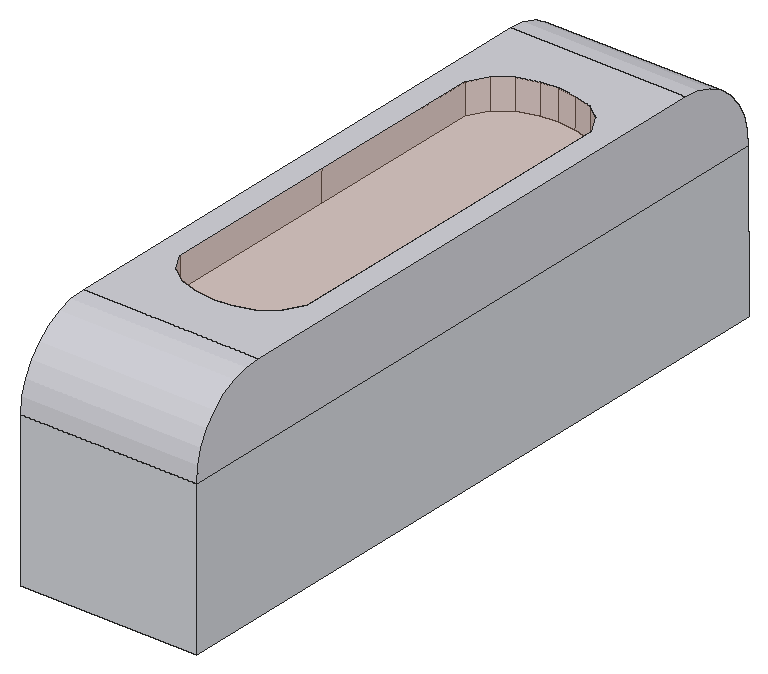
Revit family "Domotics-DomesticRanges-GEWISS-CHORUS_SIGNALLING-LAMP_0.5M", category Apparecchi elettrici, host Superficie, Revit 2016
Family settings
  Host = Superficie
  Mantenere orientamento annotazione = Sì
  Tipo di parte = Normale
  Quota connettore circolare = Usa diametro
  Taglio con vuoti quando caricato = Sì
  Condiviso = Sì
  Punto di calcolo locali = Sì
Parameters (values of type "GW14644 - Amber indicator lamp 1/2M titanium")
  Version file RFA = "19.0"
  URL = "https://www.gewiss.com/ww/en"
  Tipo_ = Chorus Spie 05M_GENERICO : GW14644 Spia di segnalazione ambra 1/2M titanio
  Technical sheet = "https://www.gewiss.com/ww/en/search?q=GW14644"
  Simbolo [instance] = yes
  Signalling unit = "With wired lead"
  SEO = "Indicator"
  Realized by GEWISS S.p.A. = ""
  Default Elevation = 1219.2 mm
  Produttore = "GEWISS S.p.A."
  Offset_spia [instance] = 0 mm
  Offset_bidimensionale [instance] = 2 mm
  No. Chorus modules = "1/2"
  Modello = "GW14644"
  Immagine tipo = GW14644.jpg
  IFC.TypeObject = ""
  IFC.ExportType = ""
  IFC.ExportAs = ""
  IDT = "cfaedf2c-0fc5-4d9f-b78a-c0dc01b3f608"
  IDF = "fd2b0701-367a-40c7-be54-6d495f8c46b7"
  Electrocod = "0132"
  EAN code = "8011564268630"
  Distanza_effettiva_x [instance] = 1500 mm - Distanza_x  # 1500 mm
  Distanza_x [instance] = 0 mm
  Diffuser colour = "Amber"
  Descrizione = "AMBER INDICATOR LAMP 1/2M TITANIUM"
  Description. = "Flat indicator lamp"
  Colour meaning = "Attention"
  Colour = "Titanium"
  Catalogue Range = "CHORUS - DOMESTIC RANGE"
  Catalogue = "DOMOTICS"
  COBie.Tagnumber = ""
  COBie.CreatedOn = ""
  COBie.CreatebBy = ""
  COBie.ComponentRegisterItemID = ""
  COBie.Component.TagNumber = ""
  COBie.Component.Space = ""
  COBie.Component.SerialNumber = ""
  COBie.Component.InstallationDate = ""
  COBie.Component.Description = ""
  COBie.Component.BarCode = ""
Types (12, lengths in mm): name | Tipo_ | Technical sheet | Modello | Immagine tipo | IDT | EAN code | Diffuser colour | Descrizione | Colour meaning | Colour
  GW10641 - Transparent indicator lamp 1/2M white | Chorus Spie 05M_GENERICO : GW10641 Spia di segnalazione trasparente 1/2M bianco | "https://www.gewiss.com/ww/en/search?q=GW10641" | "GW10641" | GW10641.jpg | "6773021c-f2bd-4fb8-831b-a813fc51304b" | "8011564259768" | "Opal" | "TRANSPARENT INDICATOR LAMP 1/2M WHITE" | "Neutral" | "White"
  GW10642 - Green indicator lamp 1/2M white | Chorus Spie 05M_GENERICO : GW10642 Spia di segnalazione verde 1/2M bianco | "https://www.gewiss.com/ww/en/search?q=GW10642" | "GW10642" | GW10642.jpg | "5a86cb70-79cc-4280-8e61-956035a54fe9" | "8011564259775" | "Green" | "GREEN INDICATOR LAMP 1/2M WHITE" | "Safety" | "White"
  GW10643 - Red indicator lamp 1/2M white | Chorus Spie 05M_GENERICO : GW10643 Spia di segnalazione rosso 1/2M bianco | "https://www.gewiss.com/ww/en/search?q=GW10643" | "GW10643" | GW10643.jpg | "05659820-9d6e-4409-8a10-ea10430852a7" | "8011564259782" | "Red" | "RED INDICATOR LAMP 1/2M WHITE" | "Danger" | "White"
  GW10644 - Amber indicator lamp 1/2M white | Chorus Spie 05M_GENERICO : Tipo 4GW10644 Spia di segnalazione ambra 1/2M bianco | "https://www.gewiss.com/ww/en/search?q=GW10644" | "GW10644" | GW10644.jpg | "134d41c4-385c-4716-b0c9-981ac8e0f9af" | "8011564259799" | "Amber" | "AMBER INDICATOR LAMP 1/2M WHITE" | "Attention" | "White"
  GW12641 - Transparent indicator lamp 1/2M black | Chorus Spie 05M_GENERICO : GW12641 Spia di segnalazione trasparente 1/2M nero | "https://www.gewiss.com/ww/en/search?q=GW12641" | "GW12641" | GW12641.jpg | "cc854467-7c72-47c8-be48-e4e8bad67c44" | "8011564266681" | "Opal" | "TRANSPARENT INDICATOR LAMP 1/2M BLACK" | "Neutral" | "Black"
  GW12642 - Green indicator lamp 1/2M black | Chorus Spie 05M_GENERICO : GW12642 Spia di segnalazione verde 1/2M nero | "https://www.gewiss.com/ww/en/search?q=GW12642" | "GW12642" | GW12642.jpg | "2025e389-9c8f-4bbb-a2ca-0507fa2ad9fd" | "8011564266698" | "Green" | "GREEN INDICATOR LAMP 1/2M BLACK" | "Safety" | "Black"
  GW12643 - Red indicator lamp 1/2M black | Chorus Spie 05M_GENERICO : GW12643 Spia di segnalazione rosso 1/2M nero | "https://www.gewiss.com/ww/en/search?q=GW12643" | "GW12643" | GW12643.jpg | "aceb3eff-1128-4cb6-8386-8cb522eb1956" | "8011564266704" | "Red" | "RED INDICATOR LAMP 1/2M BLACK" | "Danger" | "Black"
  GW12644 - Amber indicator lamp 1/2M black | Chorus Spie 05M_GENERICO : GW12644 Spia di segnalazione ambra 1/2M nero | "https://www.gewiss.com/ww/en/search?q=GW12644" | "GW12644" | GW12644.jpg | "d8800b11-6166-4000-bed9-bbc89971357f" | "8011564266810" | "Amber" | "AMBER INDICATOR LAMP 1/2M BLACK" | "Attention" | "Black"
  GW14641 - Transparent indicator lamp 1/2M titanium | Chorus Spie 05M_GENERICO : GW14641 Spia di segnalazione trasparente 1/2M titanio | "https://www.gewiss.com/ww/en/search?q=GW14641" | "GW14641" | GW14641.jpg | "fc7be6b6-ff05-45d9-8a8d-7b1260f3d168" | "8011564268609" | "Opal" | "TRANSPARENT INDICATOR LAMP 1/2M TITANIUM" | "Neutral" | "Titanium"
  GW14642 - Green indicator lamp 1/2M titanium | Chorus Spie 05M_GENERICO : GW14642 Spia di segnalazione verde 1/2M titanio | "https://www.gewiss.com/ww/en/search?q=GW14642" | "GW14642" | GW14642.jpg | "77669d2d-8357-4dcc-81d1-330d5c4ec0ca" | "8011564268616" | "Green" | "GREEN INDICATOR LAMP 1/2M TITANIUM" | "Safety" | "Titanium"
  GW14643 - Red indicator lamp 1/2M titanium | Chorus Spie 05M_GENERICO : GW14643 Spia di segnalazione rosso 1/2M titanio | "https://www.gewiss.com/ww/en/search?q=GW14643" | "GW14643" | GW14643.jpg | "9ffbd7b8-56a1-41b3-9e6a-f3c97808e6fa" | "8011564268623" | "Red" | "RED INDICATOR LAMP 1/2M TITANIUM" | "Danger" | "Titanium"
  GW14644 - Amber indicator lamp 1/2M titanium | Chorus Spie 05M_GENERICO : GW14644 Spia di segnalazione ambra 1/2M titanio | "https://www.gewiss.com/ww/en/search?q=GW14644" | "GW14644" | GW14644.jpg | "cfaedf2c-0fc5-4d9f-b78a-c0dc01b3f608" | "8011564268630" | "Amber" | "AMBER INDICATOR LAMP 1/2M TITANIUM" | "Attention" | "Titanium"
Reference planes
  plane 1 "Centro (Fronte/Retro)": y = 0
  plane 2: z = 0
  plane 3 "Centro (Sinistra/Destra)": x = 0
  plane 4: x = 0
  plane 5: x = -1500
  plane 6: z = 17.085
  plane 7: z = 15.085
  plane 8: z = 0
Lines and regions (mm)
  Masking region 1
    outline origin (0, 0, 0) x (1, 0, 0) y (0, 0, 1)
      loop
        line (-6.75, 15.085) -> (-6.75, 0) -> (6.75, 0) -> (6.75, 15.085) -> (-6.75, 15.085)
  Masking region 2
    outline origin (0, 0, 0) x (0, 1, 0) y (0, 0, 1)
      loop
        line (-22.5, 15.085) -> (-22.5, 0) -> (22.5, 0) -> (22.5, 15.085) -> (-22.5, 15.085)
  model lines, style "0", not visible, detail levels coarse
    curve 1: line (-5.95, -22.5, 0) -> (-5.95, 22.5, 0)
    curve 2: line (-5.95, 22.5, 0) -> (5.55, 22.5, 0)
    curve 3: line (5.55, 22.5, 0) -> (5.55, -22.5, 0)
    curve 4: line (5.55, -22.5, 0) -> (-5.95, -22.5, 0)
    curve 5: line (0, 14.077, 0) -> (-1.15, 14, 0)
    curve 6: line (-1.15, 14, 0) -> (-2.45, 13.6, 0)
    curve 7: line (-2.45, 13.6, 0) -> (-3.45, 12.8, 0)
    curve 8: line (-3.45, 12.8, 0) -> (-4.15, 11.6, 0)
    curve 9: line (-4.15, 11.6, 0) -> (-4.15, 0, 0)
    curve 10: line (-4.15, 0, 0) -> (-4.15, -11.6, 0)
    curve 11: line (-4.15, -11.6, 0) -> (-3.45, -12.8, 0)
    curve 12: line (-3.45, -12.8, 0) -> (-2.45, -13.6, 0)
    curve 13: line (-2.45, -13.6, 0) -> (-1.15, -14, 0)
    curve 14: line (-1.15, -14, 0) -> (0, -14.077, 0)
    curve 15: line (0, -14.077, 0) -> (1.15, -14, 0)
    curve 16: line (1.15, -14, 0) -> (2.45, -13.6, 0)
    curve 17: line (2.45, -13.6, 0) -> (3.45, -12.8, 0)
    curve 18: line (3.45, -12.8, 0) -> (4.15, -11.6, 0)
    curve 19: line (4.15, -11.6, 0) -> (4.15, 0, 0)
    curve 20: line (4.15, 0, 0) -> (4.15, 11.6, 0)
    curve 21: line (4.15, 11.6, 0) -> (3.45, 12.8, 0)
    curve 22: line (3.45, 12.8, 0) -> (2.45, 13.6, 0)
    curve 23: line (2.45, 13.6, 0) -> (1.15, 14, 0)
    curve 24: line (1.15, 14, 0) -> (0, 14.077, 0)
  model lines, style "0", detail levels coarse
    curve 25: line (-4.7, -22.5, 17.085) -> (-4.7, 22.5, 17.085)
    curve 26: line (-4.7, 22.5, 17.085) -> (6.8, 22.5, 17.085)
    curve 27: line (6.8, 22.5, 17.085) -> (6.8, -22.5, 17.085)
    curve 28: line (6.8, -22.5, 17.085) -> (-4.7, -22.5, 17.085)
    curve 29: line (1.25, 14.077, 17.085) -> (0.1, 14, 17.085)
    curve 30: line (0.1, 14, 17.085) -> (-1.2, 13.6, 17.085)
    curve 31: line (-1.2, 13.6, 17.085) -> (-2.2, 12.8, 17.085)
    curve 32: line (-2.2, 12.8, 17.085) -> (-2.9, 11.6, 17.085)
    curve 33: line (-2.9, 11.6, 17.085) -> (-2.9, 0, 17.085)
    curve 34: line (-2.9, 0, 17.085) -> (-2.9, -11.6, 17.085)
    curve 35: line (-2.9, -11.6, 17.085) -> (-2.2, -12.8, 17.085)
    curve 36: line (-2.2, -12.8, 17.085) -> (-1.2, -13.6, 17.085)
    curve 37: line (-1.2, -13.6, 17.085) -> (0.1, -14, 17.085)
    curve 38: line (0.1, -14, 17.085) -> (1.25, -14.077, 17.085)
    curve 39: line (1.25, -14.077, 17.085) -> (2.4, -14, 17.085)
    curve 40: line (2.4, -14, 17.085) -> (3.7, -13.6, 17.085)
    curve 41: line (3.7, -13.6, 17.085) -> (4.7, -12.8, 17.085)
    curve 42: line (4.7, -12.8, 17.085) -> (5.4, -11.6, 17.085)
    curve 43: line (5.4, -11.6, 17.085) -> (5.4, 0, 17.085)
    curve 44: line (5.4, 0, 17.085) -> (5.4, 11.6, 17.085)
    curve 45: line (5.4, 11.6, 17.085) -> (4.7, 12.8, 17.085)
    curve 46: line (4.7, 12.8, 17.085) -> (3.7, 13.6, 17.085)
    curve 47: line (3.7, 13.6, 17.085) -> (2.4, 14, 17.085)
    curve 48: line (2.4, 14, 17.085) -> (1.25, 14.077, 17.085)
Dimensions and locks
  "Distanza_effettiva_x": plane 5 to plane 4
  plane 5 to plane 3 "Centro (Sinistra/Destra)" = 1500 mm
  "Offset_bidimensionale": plane 6 to plane 7
  plane 7 to plane 8 = 15.085 mm
  "Offset_spia": plane 8 to plane 2
  aligned and locked: plane 2 to host face
  aligned and locked: level to host face
  aligned and locked: plane 1 "Centro (Fronte/Retro)" to nested 1
  aligned and locked: plane 4 to nested 2
  aligned and locked: plane 7 to nested 1
  aligned and locked: plane 6 to curve 28
  aligned and locked: Masking region 1 sketch curve to plane 7
  aligned and locked: plane 8 to Masking region 1 sketch curve
  aligned and locked: Masking region 2 sketch curve to plane 7
  aligned and locked: plane 8 to Masking region 2 sketch curve
Automatic sketch dimensions
  host sketch curve to host sketch curve = 2438.4 mm  (x2)
  Masking region 1 sketch curve to plane 3 "Centro (Sinistra/Destra)" = 6.75 mm
  plane 3 "Centro (Sinistra/Destra)" to Masking region 1 sketch curve = 6.75 mm
  plane 1 "Centro (Fronte/Retro)" to Masking region 2 sketch curve = 22.5 mm
  Masking region 2 sketch curve to plane 1 "Centro (Fronte/Retro)" = 22.5 mm
Nested families
  nested 1: "Chorus Spie 05M_GENERICO" at (0, 0, 0), type <- "Tipo_", type "GW14644 Spia di segnalazione ambra 1/2M titanio", detail levels medium+fine
    with Altezza da Terra 750 mm
  nested 2: "SPIE" at (0, -51.635, 0), SIMBOLO <- "Simbolo", type "SPIE"
    with SIMBOLO yes, Distanza dal muro 2 mm, BORDO ACCESO yes
Definition of nested family "Chorus Spie 05M_GENERICO"
  Parameters (values of type "GW14642 Spia di segnalazione verde 1/2M titanio")
    Sp_base = 10 mm  # constant formula
    Finitura Pulsante = none
    Finitura Placca = none
    Altezza da Terra [instance] = 750 mm
  Types (12): name
    GW10641 Spia di segnalazione trasparente 1/2M bianco
    GW10642 Spia di segnalazione verde 1/2M bianco
    GW10643 Spia di segnalazione rosso 1/2M bianco
    Tipo 4GW10644 Spia di segnalazione ambra 1/2M bianco
    GW12641 Spia di segnalazione trasparente 1/2M nero
    GW12642 Spia di segnalazione verde 1/2M nero
    GW12643 Spia di segnalazione rosso 1/2M nero
    GW12644 Spia di segnalazione ambra 1/2M nero
    GW14641 Spia di segnalazione trasparente 1/2M titanio
    GW14642 Spia di segnalazione verde 1/2M titanio
    GW14643 Spia di segnalazione rosso 1/2M titanio
    GW14644 Spia di segnalazione ambra 1/2M titanio
  Reference planes
    plane 1 "Centro (Fronte/Retro)": y = 0
    plane 2: z = 0
    plane 3 "Centro (Sinistra/Destra)": x = 0
    plane 4: x = -6.75
    plane 5: x = 6.75
    plane 6: z = 0
    plane 7: z = 13.085
    plane 8: y = 22.5
    plane 9: y = -22.5
    plane 10: z = 10
    plane 11: z = 15.085
  Forms (mm)
    Extrusion 1, solid, material <- "Finitura Placca"
      sketch origin (0, -772.64, 9.062) x (0, 0, -1) y (0, 1, 0)
        loop
          line (-6.023, 790.055) -> (-6.023, 755.226)
          arc (-6.023, 755.226) -> (-4.533, 751.63) -> (-0.938, 750.14) r 5.085
          line (-0.938, 750.14) -> (-0.938, 795.14)
          arc (-0.938, 795.14) -> (-4.533, 793.651) -> (-6.023, 790.055) r 5.085
      from -4.7 to 6.75
    Extrusion 2, void
      sketch origin (1.094, -772.5, 9.062) x (1, 0, 0) y (0, 1, 0)
        loop
          line (-2.45, 786.1) -> (-3.45, 785.3) -> (-4.15, 784.1) -> (-4.15, 772.5) -> (-4.15, 760.9) -> (-3.45, 759.7) -> (-2.45, 758.9) -> (-1.15, 758.5) -> (0, 758.423) -> (1.15, 758.5) -> (2.45, 758.9) -> (3.45, 759.7) -> (4.15, 760.9) -> (4.15, 772.5) -> (4.15, 784.1) -> (3.45, 785.3) -> (2.45, 786.1) -> (1.15, 786.5) -> (0, 786.577) -> (-1.15, 786.5) -> (-2.45, 786.1)
      from 6.023 to 4.023
    Extrusion 3, solid, material <- "Finitura Pulsante"
      sketch origin (1.094, -772.5, 9.062) x (1, 0, 0) y (0, 1, 0)
        loop
          line (-4.15, 784.1) -> (-4.15, 772.5) -> (-4.15, 760.9) -> (-3.45, 759.7) -> (-2.45, 758.9) -> (-1.15, 758.5) -> (0, 758.423) -> (1.15, 758.5) -> (2.45, 758.9) -> (3.45, 759.7) -> (4.15, 760.9) -> (4.15, 772.5) -> (4.15, 784.1) -> (3.45, 785.3) -> (2.45, 786.1) -> (1.15, 786.5) -> (0, 786.577) -> (-1.15, 786.5) -> (-2.45, 786.1) -> (-3.45, 785.3) -> (-4.15, 784.1)
      from 6.023 to 4.023
    Extrusion 4, solid
      sketch origin (0, 0, 0) x (1, 0, 0) y (0, 1, 0)
        loop
          line (-4.75, 22.5) -> (-4.75, -22.5) -> (6.75, -22.5) -> (6.75, 22.5) -> (-4.75, 22.5)
      from 0 to 10
  Cuts and joins
    Extrusion 2 cuts Extrusion 1
  Dimensions and locks
    equal spacing: plane 8, plane 1 "Centro (Fronte/Retro)", plane 9
    locked: plane 8 to plane 9 at 45
    equal spacing: plane 4, plane 3 "Centro (Sinistra/Destra)", plane 5
    locked: plane 4 to plane 5 at 13.5
    "Sp_base": plane 10 to plane 6
    locked: plane 11 to plane 10 at 5.085
    locked: plane 11 to plane 7 at 2
    locked: Extrusion 3 to Extrusion 3 at 2
    locked: cut or joined group of Extrusion 1, Extrusion 2 to cut or joined group of Extrusion 1, Extrusion 2 at 2
    aligned and locked: level to plane 2
    aligned and locked: Extrusion 1 to plane 5
    aligned and locked: plane 9 to cut or joined group of Extrusion 1, Extrusion 2
    aligned and locked: cut or joined group of Extrusion 1, Extrusion 2 to plane 10
    aligned and locked: plane 7 to Extrusion 2
    aligned and locked: Extrusion 1 to Extrusion 2
    aligned and locked: cut or joined group of Extrusion 1, Extrusion 2 to Extrusion 3
    aligned and locked: Extrusion 4 sketch curve to plane 8
    aligned and locked: plane 5 to Extrusion 4 sketch curve
    aligned and locked: plane 9 to Extrusion 4 sketch curve
    aligned and locked: plane 10 to Extrusion 4
    aligned and locked: plane 6 to Extrusion 4
  Automatic sketch dimensions
    level to Extrusion 1 sketch curve = 10 mm
    plane 9 to Extrusion 1 sketch curve = 0 mm
    Extrusion 1 sketch curve to plane 8 = 0 mm
    Extrusion 1 sketch curve to plane 7 = 2 mm
    plane 1 "Centro (Fronte/Retro)" to Extrusion 2 sketch curve = 0 mm  (x2)
    plane 3 "Centro (Sinistra/Destra)" to Extrusion 2 sketch curve = 1.094 mm  (x2)
    Extrusion 2 sketch curve to plane 3 "Centro (Sinistra/Destra)" = 0.056 mm  (x2)
    Extrusion 2 sketch curve to Extrusion 2 sketch curve = 1.3 mm  (x4)
    Extrusion 2 sketch curve to Extrusion 2 sketch curve = 1 mm  (x4)
    Extrusion 2 sketch curve to Extrusion 2 sketch curve = 0.7 mm  (x2)
    plane 3 "Centro (Sinistra/Destra)" to Extrusion 2 sketch curve = 2.244 mm  (x2)
    plane 9 to Extrusion 2 sketch curve = 10.9 mm
    Extrusion 2 sketch curve to Extrusion 2 sketch curve = 0 mm  (x2)
    Extrusion 2 sketch curve to Extrusion 2 sketch curve = 1.2 mm  (x4)
    Extrusion 2 sketch curve to Extrusion 2 sketch curve = 0.8 mm  (x4)
    Extrusion 2 sketch curve to Extrusion 2 sketch curve = 0.4 mm  (x4)
    Extrusion 2 sketch curve to Extrusion 2 sketch curve = 0.077 mm  (x2)
    Extrusion 2 sketch curve to plane 8 = 10.9 mm
    plane 1 "Centro (Fronte/Retro)" to Extrusion 3 sketch curve = 0 mm  (x2)
    plane 3 "Centro (Sinistra/Destra)" to Extrusion 3 sketch curve = 1.094 mm  (x2)
    Extrusion 3 sketch curve to plane 3 "Centro (Sinistra/Destra)" = 0.056 mm  (x2)
    Extrusion 3 sketch curve to Extrusion 3 sketch curve = 1.3 mm  (x4)
    Extrusion 3 sketch curve to Extrusion 3 sketch curve = 1 mm  (x4)
    Extrusion 3 sketch curve to Extrusion 3 sketch curve = 0.7 mm  (x2)
    plane 3 "Centro (Sinistra/Destra)" to Extrusion 3 sketch curve = 2.244 mm  (x2)
    plane 9 to Extrusion 3 sketch curve = 10.9 mm
    Extrusion 3 sketch curve to Extrusion 3 sketch curve = 0 mm  (x2)
    Extrusion 3 sketch curve to Extrusion 3 sketch curve = 1.2 mm  (x4)
    Extrusion 3 sketch curve to Extrusion 3 sketch curve = 0.8 mm  (x4)
    Extrusion 3 sketch curve to Extrusion 3 sketch curve = 0.4 mm  (x4)
    Extrusion 3 sketch curve to Extrusion 3 sketch curve = 0.077 mm  (x2)
    Extrusion 3 sketch curve to plane 8 = 10.9 mm
    plane 4 to Extrusion 4 sketch curve = 2 mm
Definition of nested family "SPIE"
  Parameters (values of type "SPIE")
    tipo = SPIE_BASE : SPIE
    SIMBOLO [instance] = yes
    Distanza dal muro [instance] = 4.208 mm
    BORDO ACCESO [instance] = yes
  Types (2, lengths in mm): name | tipo
    SPIE DOPPIE | SPIE_BASE : SPIE DOPPIE
    SPIE | SPIE_BASE : SPIE
  Reference planes
    plane 1: y = 0
    plane 2: x = 0
  Lines and regions (mm)
    detail lines, visible <- "BORDO ACCESO", not visible
      curve 1: line (-2.25, 0.412, 0) -> (2.25, 0.412, 0)
      curve 2: line (2.25, 0.412, 0) -> (2.25, -5.588, 0)
      curve 3: line (2.25, -5.588, 0) -> (-2.25, -5.588, 0)
      curve 4: line (-2.25, -5.588, 0) -> (-2.25, 0.412, 0)
      curve 30: line (-1.85, 0.012, 0) -> (1.85, 0.012, 0)
      curve 31: line (1.85, 0.012, 0) -> (1.85, -5.188, 0)
      curve 32: line (1.85, -5.188, 0) -> (-1.85, -5.188, 0)
      curve 33: line (-1.85, -5.188, 0) -> (-1.85, 0.012, 0)
      curve 34: line (-2.25, 6, 0) -> (2.25, 6, 0)
      curve 35: line (2.25, 6, 0) -> (2.25, 0, 0)
      curve 36: line (2.25, 0, 0) -> (-2.25, 0, 0)
      curve 37: line (-2.25, 0, 0) -> (-2.25, 6, 0)
      curve 61: line (-1.85, 5.6, 0) -> (1.85, 5.6, 0)
      curve 62: line (1.85, 5.6, 0) -> (1.85, 0.4, 0)
      curve 63: line (1.85, 0.4, 0) -> (-1.85, 0.4, 0)
      curve 64: line (-1.85, 0.4, 0) -> (-1.85, 5.6, 0)
      curve 65: line (-2.443, 10.208, 0) -> (2.057, 10.208, 0)
      curve 66: line (2.057, 10.208, 0) -> (2.057, 4.208, 0)
      curve 67: line (2.057, 4.208, 0) -> (-2.443, 4.208, 0)
      curve 68: line (-2.443, 4.208, 0) -> (-2.443, 10.208, 0)
      curve 69: line (-2.043, 9.808, 0) -> (1.657, 9.808, 0)
      curve 70: line (1.657, 9.808, 0) -> (1.657, 4.608, 0)
      curve 71: line (1.657, 4.608, 0) -> (-2.043, 4.608, 0)
      curve 72: line (-2.043, 4.608, 0) -> (-2.043, 9.808, 0)
    detail lines, not visible
      curve 5: line (-9.473, -5.588, 0) -> (10.527, -5.588, 0)
      curve 6: circle (-0.56, -0.487, 0) r 0.969 normal (0, 0, 1)
      curve 7: line (-0.005, 0.306, 0) -> (0.852, 1.529, 0)
      curve 8: line (0.852, 1.529, 0) -> (1.529, 1.047, 0)
      curve 9: circle (-0.56, -315.487, 0) r 0.969 normal (0, 0, 1)
      curve 10: line (-0.005, -314.694, 0) -> (0.852, -313.471, 0)
      curve 11: line (0.852, -313.471, 0) -> (1.529, -313.953, 0)
      curve 12: line (-1.245, -314.803, 0) -> (0.124, -316.172, 0)
      curve 13: line (0.124, -314.803, 0) -> (-1.245, -316.172, 0)
      curve 14: circle (-0.56, -480.487, 0) r 0.969 normal (0, 0, 1)
      curve 15: line (-0.005, -479.694, 0) -> (0.852, -478.471, 0)
      curve 16: line (0.852, -478.471, 0) -> (1.529, -478.953, 0)
      curve 17: line (0.493, -478.983, 0) -> (1.167, -479.462, 0)
      curve 18: circle (-0.56, -880.487, 0) r 0.969 normal (0, 0, 1)
      curve 19: line (-0.005, -879.694, 0) -> (0.852, -878.471, 0)
      curve 20: line (0.852, -878.471, 0) -> (1.529, -878.953, 0)
      curve 21: line (-1.245, -879.803, 0) -> (0.124, -881.172, 0)
      curve 22: line (0.124, -879.803, 0) -> (-1.245, -881.172, 0)
      curve 23: line (0.493, -878.983, 0) -> (1.167, -879.462, 0)
      curve 24: circle (-0.56, -365.487, 0) r 0.969 normal (0, 0, 1)
      curve 25: line (-0.005, -364.694, 0) -> (0.852, -363.471, 0)
      curve 26: line (0.852, -363.471, 0) -> (1.529, -363.953, 0)
      curve 27: line (-0.56, -364.925, 0) -> (-0.56, -366.05, 0)
      curve 28: line (0.493, -363.983, 0) -> (1.167, -364.462, 0)
      curve 29: line (0, 3.621, 0) -> (0, -16.379, 0)
      curve 38: circle (-0.56, 2.417, 0) r 0.969 normal (0, 0, 1)
      curve 39: line (-0.005, 3.21, 0) -> (0.852, 4.433, 0)
      curve 40: line (0.852, 4.433, 0) -> (1.529, 3.951, 0)
      curve 41: circle (-0.56, 2.417, 0) r 0.969 normal (0, 0, 1)
      curve 42: line (-0.005, 3.21, 0) -> (0.852, 4.433, 0)
      curve 43: line (0.852, 4.433, 0) -> (1.529, 3.951, 0)
      curve 44: line (-1.245, 3.102, 0) -> (0.124, 1.732, 0)
      curve 45: line (0.124, 3.102, 0) -> (-1.245, 1.732, 0)
      curve 46: circle (-0.56, 2.417, 0) r 0.969 normal (0, 0, 1)
      curve 47: line (-0.005, 3.21, 0) -> (0.852, 4.433, 0)
      curve 48: line (0.852, 4.433, 0) -> (1.529, 3.951, 0)
      curve 49: circle (-0.56, 2.417, 0) r 0.969 normal (0, 0, 1)
      curve 50: line (-0.005, 3.21, 0) -> (0.852, 4.433, 0)
      curve 51: line (0.852, 4.433, 0) -> (1.529, 3.951, 0)
      curve 52: line (-1.245, 3.102, 0) -> (0.124, 1.732, 0)
      curve 53: line (0.124, 3.102, 0) -> (-1.245, 1.732, 0)
      curve 54: line (0.493, 3.921, 0) -> (1.167, 3.442, 0)
      curve 55: line (0.493, 3.921, 0) -> (1.167, 3.442, 0)
      curve 56: circle (-0.56, 2.417, 0) r 0.969 normal (0, 0, 1)
      curve 57: line (-0.005, 3.21, 0) -> (0.852, 4.433, 0)
      curve 58: line (0.852, 4.433, 0) -> (1.529, 3.951, 0)
      curve 59: line (-0.56, 2.979, 0) -> (-0.56, 1.854, 0)
      curve 60: line (0.493, 3.921, 0) -> (1.167, 3.442, 0)
  Dimensions and locks
    "Distanza dal muro": plane 1 to nested 1
    aligned and locked: curve 5 to curve 3
    aligned and locked: plane 2 to nested 1
  Nested families
    nested 1: "SPIE_BASE" at (0, 4.208, 0), BORDO ACCESO <- "BORDO ACCESO", type <- "tipo", visible <- "SIMBOLO", type "SPIE"
      with BORDO ACCESO yes
  Definition of nested family "SPIE_BASE"
    Parameters (values of type "SPIE")
      SPIE DOPPIE = no
      SPIE = yes
      Distanza dal muro = 4.208 mm
      BORDO ACCESO [instance] = yes
    Types (2, lengths in mm): name | SPIE DOPPIE | SPIE
      SPIE | no | yes
      SPIE DOPPIE | yes | no
    Reference planes
      plane 1: y = 0
      plane 2: x = 0
    Lines and regions (mm)
      detail lines, visible <- "BORDO ACCESO", not visible
        curve 1: line (-2.25, 0.412, 0) -> (2.25, 0.412, 0)
        curve 2: line (2.25, 0.412, 0) -> (2.25, -5.588, 0)
        curve 3: line (2.25, -5.588, 0) -> (-2.25, -5.588, 0)
        curve 4: line (-2.25, -5.588, 0) -> (-2.25, 0.412, 0)
        curve 30: line (-1.85, 0.012, 0) -> (1.85, 0.012, 0)
        curve 31: line (1.85, 0.012, 0) -> (1.85, -5.188, 0)
        curve 32: line (1.85, -5.188, 0) -> (-1.85, -5.188, 0)
        curve 33: line (-1.85, -5.188, 0) -> (-1.85, 0.012, 0)
        curve 34: line (-2.25, 6, 0) -> (2.25, 6, 0)
        curve 35: line (2.25, 6, 0) -> (2.25, 0, 0)
        curve 36: line (2.25, 0, 0) -> (-2.25, 0, 0)
        curve 37: line (-2.25, 0, 0) -> (-2.25, 6, 0)
        curve 61: line (-1.85, 5.6, 0) -> (1.85, 5.6, 0)
        curve 62: line (1.85, 5.6, 0) -> (1.85, 0.4, 0)
        curve 63: line (1.85, 0.4, 0) -> (-1.85, 0.4, 0)
        curve 64: line (-1.85, 0.4, 0) -> (-1.85, 5.6, 0)
        curve 65: line (-2.443, 10.208, 0) -> (2.057, 10.208, 0)
        curve 66: line (2.057, 10.208, 0) -> (2.057, 4.208, 0)
        curve 67: line (2.057, 4.208, 0) -> (-2.443, 4.208, 0)
        curve 68: line (-2.443, 4.208, 0) -> (-2.443, 10.208, 0)
        curve 69: line (-2.043, 9.808, 0) -> (1.657, 9.808, 0)
        curve 70: line (1.657, 9.808, 0) -> (1.657, 4.608, 0)
        curve 71: line (1.657, 4.608, 0) -> (-2.043, 4.608, 0)
        curve 72: line (-2.043, 4.608, 0) -> (-2.043, 9.808, 0)
      detail lines, not visible
        curve 5: line (-9.473, -5.588, 0) -> (10.527, -5.588, 0)
        curve 6: circle (-0.56, -0.487, 0) r 0.969 normal (0, 0, 1)
        curve 7: line (-0.005, 0.306, 0) -> (0.852, 1.529, 0)
        curve 8: line (0.852, 1.529, 0) -> (1.529, 1.047, 0)
        curve 9: circle (-0.56, -315.487, 0) r 0.969 normal (0, 0, 1)
        curve 10: line (-0.005, -314.694, 0) -> (0.852, -313.471, 0)
        curve 11: line (0.852, -313.471, 0) -> (1.529, -313.953, 0)
        curve 12: line (-1.245, -314.803, 0) -> (0.124, -316.172, 0)
        curve 13: line (0.124, -314.803, 0) -> (-1.245, -316.172, 0)
        curve 14: circle (-0.56, -480.487, 0) r 0.969 normal (0, 0, 1)
        curve 15: line (-0.005, -479.694, 0) -> (0.852, -478.471, 0)
        curve 16: line (0.852, -478.471, 0) -> (1.529, -478.953, 0)
        curve 17: line (0.493, -478.983, 0) -> (1.167, -479.462, 0)
        curve 18: circle (-0.56, -880.487, 0) r 0.969 normal (0, 0, 1)
        curve 19: line (-0.005, -879.694, 0) -> (0.852, -878.471, 0)
        curve 20: line (0.852, -878.471, 0) -> (1.529, -878.953, 0)
        curve 21: line (-1.245, -879.803, 0) -> (0.124, -881.172, 0)
        curve 22: line (0.124, -879.803, 0) -> (-1.245, -881.172, 0)
        curve 23: line (0.493, -878.983, 0) -> (1.167, -879.462, 0)
        curve 24: circle (-0.56, -365.487, 0) r 0.969 normal (0, 0, 1)
        curve 25: line (-0.005, -364.694, 0) -> (0.852, -363.471, 0)
        curve 26: line (0.852, -363.471, 0) -> (1.529, -363.953, 0)
        curve 27: line (-0.56, -364.925, 0) -> (-0.56, -366.05, 0)
        curve 28: line (0.493, -363.983, 0) -> (1.167, -364.462, 0)
        curve 29: line (0, 3.621, 0) -> (0, -16.379, 0)
        curve 38: circle (-0.56, 2.417, 0) r 0.969 normal (0, 0, 1)
        curve 39: line (-0.005, 3.21, 0) -> (0.852, 4.433, 0)
        curve 40: line (0.852, 4.433, 0) -> (1.529, 3.951, 0)
        curve 41: circle (-0.56, 2.417, 0) r 0.969 normal (0, 0, 1)
        curve 42: line (-0.005, 3.21, 0) -> (0.852, 4.433, 0)
        curve 43: line (0.852, 4.433, 0) -> (1.529, 3.951, 0)
        curve 44: line (-1.245, 3.102, 0) -> (0.124, 1.732, 0)
        curve 45: line (0.124, 3.102, 0) -> (-1.245, 1.732, 0)
        curve 46: circle (-0.56, 2.417, 0) r 0.969 normal (0, 0, 1)
        curve 47: line (-0.005, 3.21, 0) -> (0.852, 4.433, 0)
        curve 48: line (0.852, 4.433, 0) -> (1.529, 3.951, 0)
        curve 49: circle (-0.56, 2.417, 0) r 0.969 normal (0, 0, 1)
        curve 50: line (-0.005, 3.21, 0) -> (0.852, 4.433, 0)
        curve 51: line (0.852, 4.433, 0) -> (1.529, 3.951, 0)
        curve 52: line (-1.245, 3.102, 0) -> (0.124, 1.732, 0)
        curve 53: line (0.124, 3.102, 0) -> (-1.245, 1.732, 0)
        curve 54: line (0.493, 3.921, 0) -> (1.167, 3.442, 0)
        curve 55: line (0.493, 3.921, 0) -> (1.167, 3.442, 0)
        curve 56: circle (-0.56, 2.417, 0) r 0.969 normal (0, 0, 1)
        curve 57: line (-0.005, 3.21, 0) -> (0.852, 4.433, 0)
        curve 58: line (0.852, 4.433, 0) -> (1.529, 3.951, 0)
        curve 59: line (-0.56, 2.979, 0) -> (-0.56, 1.854, 0)
        curve 60: line (0.493, 3.921, 0) -> (1.167, 3.442, 0)
      detail lines, visible <- "SPIE"
        curve 73: line (-0.354, 1.604, 0) -> (0.354, 0.896, 0)
        curve 74: circle (0, 1.25, 0) r 0.5 normal (0, 0, 1)
        curve 75: line (0.354, 1.604, 0) -> (-0.354, 0.896, 0)
      detail lines, visible <- "SPIE DOPPIE"
        curve 76: line (-0.354, 2.152, 0) -> (0.354, 1.445, 0)
        curve 77: circle (0, 1.799, 0) r 0.5 normal (0, 0, 1)
        curve 78: line (0.354, 2.152, 0) -> (-0.354, 1.445, 0)
        curve 79: line (-0.354, 0.348, 0) -> (0.354, 1.055, 0)
        curve 80: circle (0, 0.701, 0) r 0.5 normal (0, 0, -1)
        curve 81: line (0.354, 0.348, 0) -> (-0.354, 1.055, 0)
    Dimensions and locks
      aligned and locked: curve 5 to curve 3
